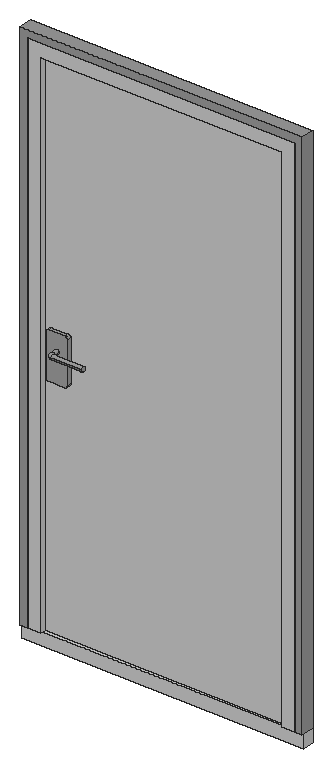
Revit family "AVLN_Дверь_Однопольная_стальная", category Двери, Revit 2021
Family settings
  Основа = Стена
  Номер OmniClass = 23.30.10.00
  Заголовок OmniClass = Doors
  Всегда вертикально = Да
  При загрузке вырезать с полостями = Нет
  Общий = Нет
  Точка принадлежности помещению = Нет
Parameters (values of type "1100х2090(h)_Л")
  Ширина полотна [instance] = Width - Монтажный зазор * 2 - Коробка толщина * 2  # 940 mm
  Тонкая линия проема = yes
  Толщина = 30 mm  # constant formula
  Стекло.Толщина = 15 mm
  Стекло.Отступ.Снизу = 1200 mm
  Стекло.Отступ.Слева/Справа = 100 mm
  Стекло.Отступ.Сверху = 100 mm
  Стекло = not([Глухая/Остекленная])  # no
  Смещение проема [instance] = 50 mm
  Смещение внутрь = 0 mm
  С1 [instance] = if(Смещение проема = 0 mm, 1 mm, 0 mm)  # 0 mm
  Ручка смещение = 60 mm  # constant formula
  Ручка высота = 1000 mm  # constant formula
  Рабочая зона = no
  Rough Width = Width - Монтажный зазор * 2  # 1040 mm
  Rough Height = Height - Монтажный зазор  # 2060 mm
  Правая = no
  Порог_наружный_смещение [instance] = 50 mm
  Порог_внутренний_смещение [instance] = 50 mm
  Порог_внуренний [instance] = no
  Порог [instance] = no
  Определить тепловые свойства по = Тип схем
  Описание = "Индивидуальный дверной блок (лестница) стальной однопольный, с пониженым порогом, с уплотнителем, с доводчиком, с нажимными ручками. Без замка, с ограничителем. Ширина проема в свету не менее 900 мм. Цвет: см. Дизайн-проект."
  Окрывание 30° = yes
  Fire Rating = ""
  Монтажный зазор сверху [instance] = if(Смещение проема = 0 mm, Монтажный зазор - 1 mm, Монтажный зазор)  # 30 mm
  Монтажный зазор = 30 mm
  Матиал_Коробка = Сталь
  Материал_Стекло = Остекление
  Материал_Рабочая зона = none
  Материал_Полотно = Сталь
  Материал_Монтажный зазор = Монтажный зазор
  Материал_Дверной ручки = По умолчанию
  Левая = not(Правая)  # yes
  Коробка.Профиль = 1 mm  # constant formula
  Коробка толщина = 50 mm  # constant formula
  Комментарии к типоразмеру = "Двери внутренние"
  Заполнение под проемом_Видимость [instance] = if(Смещение проема = 0 mm, 1 = 0, 1 = 1)  # yes
  Функция = Внутренние слои
  Группа модели = "Дверь"
  Глухая/Остекленная = yes
  Глухая = [Глухая/Остекленная]  # yes
  Height = 2090 mm
  Замыкание стены = По основе
  Width = 1100 mm
  Аналитическая конструкция = "<Нет>"
  АВЛН_Проем_Ширина [instance] = Width  # 1100 mm
  АВЛН_Проем_Высота [instance] = Height + Смещение проема  # 2140 mm
  ADSK_Размер_Высота [instance] = if(Смещение проема = 0 mm, Height - 1 mm, Height)  # 2090 mm
  ADSK_Примечание [instance] = ""
  ADSK_Позиция [instance] = ""
  ADSK_Обозначение = "ГОСТ 31173-2016"
  ADSK_Наименование = "ДСВ Оп 2090-1100 Прг Л Н П2лс"
  ADSK_Масса = 0
  ADSK_Марка [instance] = "ДВ-21Л"
  ADSK_Количество [instance] = 1
  ADSK_Единица измерения [instance] = "шт."
Types (22, lengths in mm): name | Ширина полотна | Стекло | Rough Width | Rough Height | Правая | Fire Rating | Матиал_Коробка | Материал_Стекло | Материал_Полотно | Материал_Дверной ручки | Левая | Комментарии к типоразмеру | Группа модели | Глухая/Остекленная | Глухая | Height | Width | АВЛН_Проем_Ширина | АВЛН_Проем_Высота | ADSK_Размер_Высота | ADSK_Обозначение | ADSK_Наименование
  1100х2090(h)_Л | 940 | no | 1040 | 2060 | no | "" | Сталь | Остекление | Сталь | По умолчанию | yes | "Двери внутренние" | "Дверь" | yes | yes | 2090 | 1100 | 1100 | 2140 | 2090 | "ГОСТ 31173-2016" | "ДСВ Оп 2090-1100 Прг Л Н П2лс"
  1050х2070(h)_Л | 890 | no | 990 | 2040 | no | "" | Сталь | Остекление | Сталь | По умолчанию | yes | 0 | "Дверь" | yes | yes | 2070 | 1050 | 1050 | 2120 | 2070 | "ГОСТ 31173-2016" | ""
  1100х2070(h)_П | 940 | yes | 1040 | 2040 | yes | "" | Сталь | Остекление | Сталь | По умолчанию | no | "Двери внутренние" | "Дверь" | no | no | 2070 | 1100 | 1100 | 2120 | 2070 | "ГОСТ 31173-2016" | ""
  1100х2070(h)_EI30_П | 940 | no | 1040 | 2040 | yes | "EI30" | Сталь | Остекление | Сталь | По умолчанию | no | 0 | 0 | yes | yes | 2070 | 1100 | 1100 | 2120 | 2070 | "ГОСТ 31173-2016" | ""
  1100х2070(h)_EI30_Л | 940 | no | 1040 | 2040 | no | "EI30" | Сталь | Остекление | Сталь | По умолчанию | yes | 0 | 0 | yes | yes | 2070 | 1100 | 1100 | 2120 | 2070 | "ГОСТ 31173-2016" | ""
  1100х1800(h)_EI30_П | 940 | no | 1040 | 1770 | yes | "EI30" | Сталь | Остекление | Сталь | По умолчанию | no | 0 | 0 | yes | yes | 1800 | 1100 | 1100 | 1850 | 1800 | "ГОСТ 31173-2016" | ""
  1100х1800(h)_EI30_Л | 940 | no | 1040 | 1770 | no | "EI30" | Сталь | Остекление | Сталь | По умолчанию | yes | 0 | 0 | yes | yes | 1800 | 1100 | 1100 | 1850 | 1800 | "ГОСТ 31173-2016" | ""
  1100х2070(h)_EI30_Остекл_П | 940 | yes | 1040 | 2040 | yes | "EI30" | Сталь | Остекление | Сталь | По умолчанию | no | 0 | 0 | no | no | 2070 | 1100 | 1100 | 2120 | 2070 | "ГОСТ 31173-2016" | ""
  1100х2070(h)_EI30_Остекл_Л | 940 | yes | 1040 | 2040 | no | "EI30" | Сталь | Остекление | Сталь | По умолчанию | yes | 0 | 0 | no | no | 2070 | 1100 | 1100 | 2120 | 2070 | "ГОСТ 31173-2016" | ""
  Л_1100 | 940 | no | 1040 | 2070 | no | "" | Сталь | Остекление | Сталь | По умолчанию | yes | 0 | 0 | yes | yes | 2100 | 1100 | 1100 | 2150 | 2100 | "ГОСТ 31173-2016" | ""
  1100х2070(h)_Л_огн | 940 | yes | 1040 | 2040 | no | "" | Сталь | Остекление | Сталь | По умолчанию | yes | 0 | 0 | no | no | 2070 | 1100 | 1100 | 2120 | 2070 | "ГОСТ 31173-2016" | ""
  1000х2070(h)_П | 840 | no | 940 | 2040 | yes | "" | Сталь | Остекление | Сталь | По умолчанию | no | 0 | "Дверь" | yes | yes | 2070 | 1000 | 1000 | 2120 | 2070 | "ГОСТ 31173-2016" | ""
  1000х2070(h)_Л | 840 | no | 940 | 2040 | no | "" | Сталь | Остекление | Сталь | По умолчанию | yes | 0 | "Дверь" | yes | yes | 2070 | 1000 | 1000 | 2120 | 2070 | "ГОСТ 31173-2016" | ""
  1100х2100(h)_Л_Глухая | 940 | no | 1040 | 2070 | no | "" | ADSK_Металл_RAL7024 | ADSK_Металл_RAL7024 | ADSK_Металл_RAL7024 | ADSK_Металл_RAL7024 | yes | "Двери наружные" | "Дверь" | yes | yes | 2100 | 1100 | 1100 | 2150 | 2100 | "ГОСТ 31173-2016" | ""
  1000х2090(h)_Л | 840 | no | 940 | 2060 | no | "" | Сталь | Остекление | Сталь | По умолчанию | yes | "Двери внутренние" | "Дверь" | yes | yes | 2090 | 1000 | 1000 | 2140 | 2090 | "ГОСТ 31173-2016" | "ДСВ Оп 2090-1000 Прг Л Н П2лс"
  1000х2090(h)_EI30_П | 840 | no | 940 | 2060 | yes | "" | Сталь | Остекление | Сталь | По умолчанию | no | "Двери противопожарные" | "Дверь" | yes | yes | 2090 | 1000 | 1000 | 2140 | 2090 | "ГОСТ Р 57327-2016" | "ДПС 01 2090-1000 Пр EI30"
  1000х2090(h)_EI30_Л | 840 | no | 940 | 2060 | no | "" | Сталь | Остекление | Сталь | По умолчанию | yes | "Двери противопожарные" | "Дверь" | yes | yes | 2090 | 1000 | 1000 | 2140 | 2090 | "ГОСТ Р 57327-2016" | "ДПС 01 2090-1000 Л EI30"
  Нр_1100х2090(h)_П | 940 | no | 1040 | 2060 | yes | "" | Сталь | Остекление | Сталь | По умолчанию | no | "Двери наружные" | "Дверь" | yes | yes | 2090 | 1100 | 1100 | 2140 | 2090 | "ГОСТ 31173-2016" | "ДСН Оп 2090-1100 Прг Пр Н П2лс"
  1100х2090(h)_П | 940 | no | 1040 | 2060 | yes | "" | Сталь | Остекление | Сталь | По умолчанию | no | "Двери внутренние" | "Дверь" | yes | yes | 2090 | 1100 | 1100 | 2140 | 2090 | "ГОСТ 31173-2016" | "ДСВ Оп 2090-1100 Прг Пр Н П2лс"
  1100х2090(h)_EI30_П | 940 | no | 1040 | 2060 | yes | "EI30" | Сталь | Остекление | Сталь | По умолчанию | no | "Двери противопожарные" | "Дверь" | yes | yes | 2090 | 1100 | 1100 | 2140 | 2090 | "ГОСТ Р 57327-2016" | "ДПС 01 2090-1100 Пр EI30"
  1100х2090(h)_EI30_Л | 940 | no | 1040 | 2060 | no | "EI30" | Сталь | Остекление | Сталь | По умолчанию | yes | "Двери противопожарные" | "Дверь" | yes | yes | 2090 | 1100 | 1100 | 2140 | 2090 | "ГОСТ Р 57327-2016" | "ДПС 01 2090-1100 Л EI30"
  1100х2070(h)_Л | 940 | yes | 1040 | 2040 | no | "" | Сталь | Остекление | Сталь | По умолчанию | yes | "Двери наружные" | "Дверь" | no | no | 2070 | 1100 | 1100 | 2120 | 2070 | "ГОСТ 31173-2016" | ""
Reference planes
  plane 1: y = 0
  plane 2 "По центру (Влево/Вправо)": x = 0
  plane 3 "Слева": x = -550
  plane 4 "Справа": x = 550
  plane 5: z = 2090
  plane 6 "Наружный": y = 150
  plane 7 "Внутренние": y = -150
  plane 8: z = -50
  plane 9: x = -520
  plane 10: x = 520
  plane 11: x = 470
  plane 12: x = -470
  plane 13: z = 2060
  plane 14: z = 2010
  plane 15 "Полотно_Н": y = 150
  plane 16 "Полотно_В": y = 120
  plane 17: z = -100
  plane 18: x = -410
  plane 19: x = 410
  plane 20: z = 1000
  plane 21: z = 1045
  plane 22 "Короб_В": y = 100
  plane 23: x = -469
  plane 24: x = 469
  plane 25: z = 2009
  plane 26: y = 1250
  plane 27: x = 370
  plane 28: z = 1910
  plane 29: x = -370
  plane 30: z = 1200
  plane 31: y = 135
  plane 32: y = 142.5
  plane 33: y = 127.5
  plane 34: y = 200
  plane 35: y = -200
  plane 36: z = -50
Forms (mm)
  Extrusion 1, solid, material "Сталь" <- "Материал_Полотно", visible <- "Стекло", detail levels fine
    sketch origin (0, 150, 0) x (1, 0, 0) y (0, 0, 1)
      loop
        line (470, 2010) -> (-470, 2010) -> (-470, 0) -> (470, 0) -> (470, 2010)
      loop
        line (370, 1910) -> (-370, 1910) -> (-370, 1200) -> (370, 1200) -> (370, 1910)
    from 0 to 30
  Extrusion 2, solid, material "Сталь" <- "Матиал_Коробка", visible <- "Заполнение под проемом_Видимость", detail levels fine
    sketch origin (0, 150, 0) x (1, 0, 0) y (0, 0, 1)
      loop
        line (550, 0) -> (-550, 0) -> (-550, -50) -> (550, -50) -> (550, 0)
    from 0 to 40
  Extrusion 3, solid, material "Монтажный зазор" <- "Материал_Монтажный зазор"
    sketch origin (0, -150, 0) x (1, 0, 0) y (0, 0, 1)
      loop
        line (-550, 0) -> (-520, 0) -> (-520, 2060) -> (520, 2060) -> (520, 0) -> (550, 0) -> (550, 2090) -> (-550, 2090) -> (-550, 0)
    from -300 to -250
  Sweep 4, solid, material "Сталь" <- "Матиал_Коробка"
    path origin (0, 150, 0) x (-1, 0, 0) y (0, 0, 1)
      loop
        line (470, 0) -> (470, 2010) -> (-470, 2010) -> (-470, 0)
    profile origin (-470, 150, 1005) x (0, 1, 0) y (-1, 0, 0)
      loop
        line (0, 50) -> (-50, 50) -> (-50, -1) -> (-30, -1) -> (-30, 0) -> (0, 0) -> (0, 50)
  Extrusion 5, void
    sketch origin (0, 0, 0) x (1, 0, 0) y (0, 1, 0)
      loop
        line (-550, 1250) -> (-550, 150) -> (550, 150) -> (550, 1250) -> (-550, 1250)
    from -50 to 2090
  Extrusion 6, solid, material "Остекление" <- "Материал_Стекло", visible <- "Стекло", detail levels fine
    sketch origin (0, 150, 0) x (1, 0, 0) y (0, 0, 1)
      loop
        line (370, 1910) -> (-370, 1910) -> (-370, 1200) -> (370, 1200) -> (370, 1910)
    from 7.5 to 22.5
  Extrusion 7, solid, material "Сталь" <- "Материал_Полотно", visible <- "Глухая"
    sketch origin (0, 150, 0) x (1, 0, 0) y (0, 0, 1)
      loop
        line (470, 2010) -> (-470, 2010) -> (-470, 0) -> (470, 0) -> (470, 2010)
    from 0 to 30
Lines and regions (mm)
  Opening 1
    outline origin (-3050, -150, 0) x (1, 0, 0) y (0, 0, 1)
      loop
        line (2500, -50) -> (3600, -50) -> (3600, 2090) -> (2500, 2090) -> (2500, -50)
  Masking region 1, visible <- "Тонкая линия проема"
    outline origin (95.796, -283.072, 0) x (1, 0, 0) y (0, 1, 0)
      loop
        line (-619.745, 443.072) -> (-645.796, 433.072) -> (-645.796, 133.072) -> (-645.796, 123.072) -> (454.204, 123.072) -> (454.204, 133.072) -> (454.204, 433.072) -> (426.729, 443.072) -> (-619.745, 443.072)
  model lines, style "Открывание_Внутрь", visible <- "Левая"
    curve 1: line (469, 120, 2009) -> (-469, 120, 1045)
    curve 2: line (-469, 120, 1045) -> (469, 120, 0)
  model lines, style "Открывание_Внутрь", visible <- "Правая"
    curve 3: line (-469, 120, 0) -> (469, 120, 1045)
    curve 4: line (469, 120, 1045) -> (-469, 120, 2009)
  model lines, style "Открывание_Наружу", visible <- "Правая"
    curve 5: line (-470, 150, 0) -> (469, 150, 1045)
    curve 6: line (469, 150, 1045) -> (-470, 150, 2010)
  model lines, style "Открывание_Наружу", visible <- "Левая"
    curve 7: line (470, 150, 2010) -> (-469, 150, 1045)
    curve 8: line (-469, 150, 1045) -> (470, 150, 0)
  model lines, style "Рабочая зона", visible <- "Рабочая зона"
    curve 9: line (-550, 150, 0) -> (-550, 1250, 0)
    curve 10: line (-550, 1250, 0) -> (550, 1250, 0)
    curve 11: line (550, 150, 0) -> (550, 1250, 0)
  symbolic lines, style "Порог", visible <- "Порог_внуренний"
    curve 12: line (-550, -200, 0) -> (550, -200, 0)
  symbolic lines, style "Порог", visible <- "Порог"
    curve 13: line (-550, 200, 0) -> (550, 200, 0)
Text (mm)
  text "Наружный" at (-2295.016, 1099.543, 0), in view "Опорный уровень"
  text "Наружный" at (0, 1615.38, 3698.081), in view "Слева"
  text "Наружный" at (0, 1036.032, 3874.932), in view "Справа"
Dimensions and locks
  equal spacing: plane 3 "Слева", plane 2 "По центру (Влево/Вправо)", plane 4 "Справа"
  "Width": plane 3 "Слева" to plane 4 "Справа"
  host wall to plane 5 = 2554.966 mm  (x2)
  locked: plane 6 "Наружный" to host wall
  locked: plane 7 "Внутренние" to host wall
  plane 8 to level = 50 mm
  "ADSK_Размер_Высота": level to plane 5
  "Монтажный зазор": plane 3 "Слева" to plane 9
  "Монтажный зазор": plane 10 to plane 4 "Справа"
  "Смещение внутрь": plane 15 "Полотно_Н" to plane 6 "Наружный"
  "Толщина": plane 15 "Полотно_Н" to plane 16 "Полотно_В"
  level to plane 17 = 100 mm
  "Монтажный зазор сверху": plane 13 to plane 5
  "Коробка толщина": plane 14 to plane 13
  "Коробка толщина": plane 12 to plane 9
  "Коробка толщина": plane 11 to plane 10
  "Смещение проема": level to plane 8
  "Ручка высота": level to plane 20
  "Ручка смещение": plane 12 to plane 18
  "Ручка смещение": plane 19 to plane 11
  equal spacing: level, plane 21, plane 5
  equal spacing: plane 7 "Внутренние", plane 1, plane 6 "Наружный"
  "Коробка толщина": plane 15 "Полотно_Н" to plane 22 "Короб_В"
  "Коробка.Профиль": plane 12 to plane 23
  "Коробка.Профиль": plane 24 to plane 11
  "Коробка.Профиль": plane 14 to plane 25
  "Width": plane 26 to plane 15 "Полотно_Н"
  "Стекло.Отступ.Слева/Справа": plane 27 to plane 11
  "Стекло.Отступ.Слева/Справа": plane 12 to plane 29
  "Стекло.Отступ.Сверху": plane 28 to plane 14
  "Стекло.Отступ.Снизу": level to plane 30
  equal spacing: plane 15 "Полотно_Н", plane 31, plane 16 "Полотно_В"
  equal spacing: plane 33, plane 31, plane 32
  "Стекло.Толщина": plane 33 to plane 32
  "Порог_наружный_смещение": plane 6 "Наружный" to plane 34
  "Порог_внутренний_смещение": plane 35 to plane 7 "Внутренние"
  "С1": plane 8 to plane 36
  aligned and locked: plane 3 "Слева" to Opening 1 sketch curve
  aligned and locked: Opening 1 sketch curve to plane 4 "Справа"
  aligned and locked: plane 1 to host wall
  aligned and locked: Extrusion 1 to plane 16 "Полотно_В"
  aligned and locked: plane 15 "Полотно_Н" to Extrusion 1
  aligned and locked: level to Extrusion 2 sketch curve
  aligned and locked: Extrusion 2 sketch curve to plane 4 "Справа"
  aligned and locked: Extrusion 2 sketch curve to host wall
  aligned and locked: nested 1 to plane 16 "Полотно_В"
  aligned and locked: nested 2 to plane 15 "Полотно_Н"
  aligned and locked: plane 15 "Полотно_Н" to nested 4
  aligned and locked: plane 16 "Полотно_В" to nested 3
  aligned and locked: plane 5 to Opening 1 sketch curve
  aligned and locked: plane 14 to Extrusion 1 sketch curve
  aligned and locked: Extrusion 3 sketch curve to plane 4 "Справа"
  aligned and locked: Extrusion 3 sketch curve to plane 10
  aligned and locked: Extrusion 3 sketch curve to plane 5
  aligned and locked: Extrusion 3 sketch curve to plane 13
  aligned and locked: plane 3 "Слева" to Extrusion 3 sketch curve
  aligned and locked: plane 9 to Extrusion 3 sketch curve
  aligned and locked: Extrusion 3 sketch curve to level  (x2)
  aligned and locked: nested 2 to plane 20
  aligned and locked: plane 20 to nested 4
  aligned and locked: plane 20 to nested 1
  aligned and locked: nested 3 to plane 20
  aligned and locked: plane 19 to nested 4
  aligned and locked: plane 18 to nested 2
  aligned and locked: nested 3 to plane 19
  aligned and locked: nested 1 to plane 18
  aligned and locked: nested 5 to plane 4 "Справа"
  aligned and locked: nested 5 to plane 3 "Слева"
  aligned and locked: nested 5 to plane 15 "Полотно_Н"
  aligned and locked: nested 6 to plane 3 "Слева"
  aligned and locked: nested 6 to plane 4 "Справа"
  aligned and locked: plane 15 "Полотно_Н" to nested 6
  aligned and locked: Extrusion 3 to plane 22 "Короб_В"
  aligned and locked: plane 15 "Полотно_Н" to Extrusion 3
  aligned and locked: plane 11 to Sweep 4 sketch curve
  aligned and locked: plane 14 to Sweep 4 sketch curve
  aligned and locked: plane 12 to Sweep 4 sketch curve  (x2)
  aligned and locked: plane 15 "Полотно_Н" to Sweep 4 sketch curve
  aligned and locked: plane 9 to Sweep 4 sketch curve
  aligned and locked: plane 23 to Sweep 4 sketch curve
  aligned and locked: plane 22 "Короб_В" to Sweep 4 sketch curve
  aligned and locked: plane 16 "Полотно_В" to Sweep 4 sketch curve
  aligned and locked: level to Sweep 4 sketch curve  (x2)
  aligned and locked: plane 23 to curve 4
  aligned and locked: plane 25 to curve 4
  aligned and locked: plane 25 to curve 1
  aligned and locked: plane 24 to curve 1
  aligned and locked: plane 23 to curve 1
  aligned and locked: plane 21 to curve 2
  aligned and locked: plane 24 to curve 4
  aligned and locked: plane 21 to curve 3
  aligned and locked: Sweep 4 to curve 3
  aligned and locked: level to curve 3
  aligned and locked: Sweep 4 to curve 2
  aligned and locked: level to curve 2
  aligned and locked: curve 9 to plane 3 "Слева"
  aligned and locked: curve 10 to plane 26
  aligned and locked: curve 11 to plane 4 "Справа"
  aligned and locked: plane 15 "Полотно_Н" to curve 9
  aligned and locked: plane 15 "Полотно_Н" to curve 11
  aligned and locked: Extrusion 5 sketch curve to plane 26
  aligned and locked: Extrusion 5 sketch curve to plane 3 "Слева"
  aligned and locked: Extrusion 5 sketch curve to plane 15 "Полотно_Н"
  aligned and locked: Extrusion 5 sketch curve to plane 4 "Справа"
  aligned and locked: Extrusion 5 to plane 5
  aligned and locked: plane 28 to Extrusion 1 sketch curve
  aligned and locked: Extrusion 1 sketch curve to plane 27
  aligned and locked: Extrusion 1 sketch curve to plane 30
  aligned and locked: Extrusion 1 sketch curve to plane 29
  aligned and locked: plane 27 to Extrusion 6 sketch curve
  aligned and locked: plane 28 to Extrusion 6 sketch curve
  aligned and locked: Extrusion 6 sketch curve to plane 29
  aligned and locked: plane 30 to Extrusion 6 sketch curve
  aligned and locked: plane 33 to Extrusion 6
  aligned and locked: plane 32 to Extrusion 6
  aligned and locked: plane 11 to Extrusion 7 sketch curve
  aligned and locked: plane 14 to Extrusion 7 sketch curve
  aligned and locked: plane 12 to Extrusion 7 sketch curve
  aligned and locked: level to Extrusion 7 sketch curve
  aligned and locked: plane 15 "Полотно_Н" to Extrusion 7
  aligned and locked: Extrusion 7 to plane 16 "Полотно_В"
  aligned and locked: curve 6 to curve 4
  aligned and locked: curve 8 to curve 2
  aligned and locked: Masking region 1 sketch curve to curve 9
  aligned and locked: Extrusion 1 to Masking region 1 sketch curve
  aligned and locked: plane 6 "Наружный" to Masking region 1 sketch curve
  aligned and locked: host wall to Masking region 1 sketch curve  (x2)
  aligned and locked: plane 3 "Слева" to Masking region 1
  aligned and locked: Masking region 1 to plane 4 "Справа"
  aligned and locked: plane 3 "Слева" to curve 13
  aligned and locked: plane 4 "Справа" to curve 13
  aligned and locked: curve 13 to plane 34
  aligned and locked: curve 12 to plane 35
  aligned and locked: Extrusion 2 to plane 36
  aligned and locked: Extrusion 5 to plane 8
  aligned and locked: Opening 1 sketch curve to plane 36
Automatic sketch dimensions
  plane 12 to Extrusion 1 sketch curve = 0 mm
  plane 11 to Extrusion 1 sketch curve = 0 mm
  Extrusion 1 sketch curve to level = 0 mm
  plane 11 to curve 7 = 0 mm
  curve 8 to level = 0 mm
  plane 11 to curve 8 = 0 mm
  curve 6 to plane 21 = 0 mm
  curve 7 to plane 23 = 0 mm
  plane 12 to curve 6 = 0 mm
  curve 5 to level = 0 mm
  plane 12 to curve 5 = 0 mm
  curve 7 to plane 14 = 0 mm
  curve 6 to plane 14 = 0 mm
  Extrusion 2 sketch curve to plane 8 = 0 mm
  curve 12 to plane 4 "Справа" = 0 mm
  Masking region 1 sketch curve to plane 4 "Справа" = 0 mm
  Masking region 1 sketch curve to plane 9 = 3.949 mm
  plane 10 to Masking region 1 sketch curve = 2.525 mm
  host wall to Masking region 1 sketch curve = 10 mm  (x2)
  curve 12 to plane 3 "Слева" = 0 mm
Nested families
  nested 1: "Дв_Дверная ручка" at (-410, 120, -40), visible <- "Левая", type "Дв_Дверная ручка", detail levels fine
    with Высота расположения дверной ручки 1040 mm
  nested 2: "Дв_Дверная ручка" at (-410, 150, -40), visible <- "Левая", type "Дв_Дверная ручка", detail levels fine
    with Высота расположения дверной ручки 1040 mm
  nested 3: "Дв_Дверная ручка" at (410, 120, -40) x (-1, 0, 0) z (0, 0, 1), visible <- "Правая", type "Дв_Дверная ручка", detail levels fine
    with Высота расположения дверной ручки 1040 mm
  nested 4: "Дв_Дверная ручка" at (410, 150, -40) x (-1, 0, 0) z (0, 0, 1), visible <- "Правая", type "Дв_Дверная ручка", detail levels fine
    with Высота расположения дверной ручки 1040 mm
  nested 5: "АС-Однопольная-Обозначение на плане" at (0, 150, -50), Width <- "Width", Толщина <- "Толщина", Коробка.Толщина <- "Коробка толщина", Height <- "Rough Height", Полотно.Ширина <- "Ширина полотна", Rough Width <- "Rough Width", visible <- "Левая", Коробка.Ширина <- "Коробка.Профиль", type "АС-Стандарт"
    with Width 1100 mm, Толщина 30 mm, Rough Width 1040 mm, Полотно.Ширина 940 mm, Коробка.Ширина 1 mm, Коробка.Толщина 50 mm, Height 2060 mm
  nested 6: "АС-Однопольная-Обозначение на плане" at (0, 150, -50) x (-1, 0, 0) z (0, 0, 1), Width <- "Width", Толщина <- "Толщина", Коробка.Толщина <- "Коробка толщина", Height <- "Rough Height", Полотно.Ширина <- "Ширина полотна", Rough Width <- "Rough Width", visible <- "Правая", Коробка.Ширина <- "Коробка.Профиль", type "АС-Стандарт"
    with Width 1100 mm, Толщина 30 mm, Rough Width 1040 mm, Полотно.Ширина 940 mm, Коробка.Ширина 1 mm, Коробка.Толщина 50 mm, Height 2060 mm
Definition of nested family "Дв_Дверная ручка"
  Parameters (values of type "Дв_Дверная ручка")
    Материал дверной ручки = none
    Высота расположения дверной ручки [instance] = 1040 mm
    Analytic Construction = "<Нет>"
  Reference planes
    plane 1 "По центру (Вперед/Назад)": y = 0
    plane 2: z = 0
    plane 3 "По центру (Влево/Вправо)": x = 0
    plane 4: z = 1040
    plane 5: x = -41.434
    plane 6: x = 41.434
    plane 7: z = 1106.663
    plane 8: z = 926.663
    plane 9: y = -15
  Forms (mm)
    Extrusion 1, solid, material <- "Материал дверной ручки"
      sketch origin (0, 0, 0) x (1, 0, 0) y (0, 0, 1)
        loop
          arc (-31.434, 1106.663) -> (-38.505, 1103.734) -> (-41.434, 1096.663) r 10
          line (-41.434, 1096.663) -> (-41.434, 936.663)
          arc (-41.434, 936.663) -> (-38.505, 929.591) -> (-31.434, 926.663) r 10
          line (-31.434, 926.663) -> (31.434, 926.663)
          arc (31.434, 926.663) -> (38.505, 929.591) -> (41.434, 936.663) r 10
          line (41.434, 936.663) -> (41.434, 1096.663)
          arc (41.434, 1096.663) -> (38.505, 1103.734) -> (31.434, 1106.663) r 10
          line (31.434, 1106.663) -> (-31.434, 1106.663)
      from 0 to 15
    Sweep 2, solid, material <- "Материал дверной ручки"
      path origin (0, 0, 0) x (1, 0, 0) y (0, 1, 0)
        loop
          line (0, -15) -> (0, -38.261)
          arc (0, -38.261) -> (2.929, -45.332) -> (10, -48.261) r 10
          line (10, -48.261) -> (130, -48.261)
      profile origin (0, -26.63, 0) x (1, 0, 0) y (0, 0, 1)
        loop
          circle (0, 1040) r 8
  Dimensions and locks
    "Высота расположения дверной ручки": plane 4 to level
    plane 7 to plane 8 = 180 mm
    plane 6 to plane 5 = 82.868 mm
    equal spacing: plane 6, plane 3 "По центру (Влево/Вправо)", plane 5
    locked: plane 1 "По центру (Вперед/Назад)" to plane 9 at 15
    aligned and locked: level to plane 2
    aligned and locked: Extrusion 1 sketch curve to plane 7
    aligned and locked: plane 5 to Extrusion 1 sketch curve
    aligned and locked: plane 8 to Extrusion 1 sketch curve
    aligned and locked: Extrusion 1 sketch curve to plane 6
    aligned and locked: Extrusion 1 to plane 1 "По центру (Вперед/Назад)"
    aligned and locked: plane 4 to Sweep 2
  Automatic sketch dimensions
    plane 5 to Extrusion 1 sketch curve = 10 mm
    Extrusion 1 sketch curve to Extrusion 1 sketch curve = 10 mm  (x2)
    Extrusion 1 sketch curve to plane 6 = 10 mm
    Sweep 2 sketch curve to plane 3 "По центру (Влево/Вправо)" = 0 mm
    plane 9 to Sweep 2 sketch curve = 0 mm
    Sweep 2 sketch curve to Sweep 2 sketch curve = 10 mm
    Sweep 2 sketch curve to Sweep 2 sketch curve = 23.261 mm
    Sweep 2 sketch curve to Sweep 2 sketch curve = 120 mm
    profile plane to Sweep 2 sketch curve = 0 mm
    level to Sweep 2 sketch curve = 1040 mm
    radius of Sweep 2 sketch curve = 8 mm
Definition of nested family "АС-Однопольная-Обозначение на плане"
  Parameters (values of type "АС-Стандарт")
    Полотно.Ширина [instance] = 900 mm
    Открывание двери 90 = not(Открывание двери 30)  # no
    Открывание двери 30 = yes
    Линия открывания (дуга) = not(Открывание двери 30)  # no
    Коробка.Ширина [instance] = 40 mm
    Коробка.Толщина [instance] = 80 mm
    Width [instance] = 1000 mm
    Thickness [instance] = 40 mm
    Rough Width [instance] = 960 mm
    Height [instance] = 2100 mm
    Default Elevation = 0 mm
    Analytic Construction = "<Нет>"
  Reference planes
    plane 1 "Center (Front/Back)": y = 0
    plane 2: z = 0
    plane 3 "Center (Left/Right)": x = 0
    plane 4 "Полотно.Слева": x = -480
    plane 5 "Полотно справа": x = 480
    plane 6 "Проем.Слева": x = -500
    plane 7 "Проем.Справа": x = 500
    plane 8 "Полотно. Внутренняя сторона": y = -40
    plane 9 "Коробка. Внутренняя сторона": y = -80
    plane 10 "Коробка.Внутренняя сторона слева": x = -450
    plane 11 "Коробка. Внутренняя сторона справа": x = 450
    plane 12 "2": x = -410
    plane 13 "3": x = 410
  Lines and regions (mm)
    Masking region 1, detail levels fine
      outline origin (0, 0, 0) x (1, 0, 0) y (0, 1, 0)
        loop
          line (-500, -80) -> (-480, -80) -> (-480, 0) -> (-500, 0) -> (-500, -80)
    Masking region 2, detail levels fine
      outline origin (0, 0, 0) x (1, 0, 0) y (0, 1, 0)
        loop
          line (500, -80) -> (500, 0) -> (480, 0) -> (480, -80) -> (500, -80)
    Masking region 3, detail levels fine
      outline origin (0, 0, 0) x (1, 0, 0) y (0, 1, 0)
        loop
          line (-480, 0) -> (-480, -80) -> (-410, -80) -> (-410, -40) -> (-450, -40) -> (-450, 0) -> (-480, 0)
    Masking region 4, detail levels fine
      outline origin (0, 0, 0) x (1, 0, 0) y (0, 1, 0)
        loop
          line (480, 0) -> (450, 0) -> (450, -40) -> (410, -40) -> (410, -80) -> (480, -80) -> (480, 0)
    Masking region 5, visible <- "Открывание двери 90", detail levels fine
      outline origin (0, 0, 0) x (1, 0, 0) y (0, 1, 0)
        loop
          line (450, 0) -> (450, 900) -> (410, 900) -> (410, 0) -> (450, 0)
    Masking region 6, visible <- "Открывание двери 30", detail levels fine
      outline origin (0, 0, 0) x (1, 0, 0) y (0, 1, 0)
        loop
          line (450, 0) -> (-329.423, 450) -> (-349.423, 415.359) -> (430, -34.641) -> (450, 0)
    symbolic lines, visible <- "Открывание двери 30", detail levels coarse+medium
      curve 1: line (500, 0, 0) -> (-366.025, 500, 0)
    symbolic lines, visible <- "Открывание двери 90", detail levels coarse+medium
      curve 2: line (500, 0, 0) -> (500, 1000, 0)
    symbolic lines, visible <- "Линия открывания (дуга)", detail levels coarse+medium
      curve 3: arc (500, 1000, 0) -> (-207.107, 707.107, 0) -> (-500, 0, 0) r 1000
    symbolic lines, visible <- "Линия открывания (дуга)", detail levels fine
      curve 4: arc (-450, 0, 0) -> (-186.396, 636.396, 0) -> (450, 900, 0) r 900
    model lines, not visible
      curve 5: line (0, 0, 0) -> (0, 0, 2100)
  Dimensions and locks
    "Thickness": plane 1 "Center (Front/Back)" to plane 8 "Полотно. Внутренняя сторона"  (x2)
    equal spacing: plane 4 "Полотно.Слева", plane 3 "Center (Left/Right)", plane 5 "Полотно справа"
    equal spacing: plane 6 "Проем.Слева", plane 3 "Center (Left/Right)", plane 7 "Проем.Справа"
    "Width": plane 6 "Проем.Слева" to plane 7 "Проем.Справа"
    "Rough Width": plane 4 "Полотно.Слева" to plane 5 "Полотно справа"
    plane 1 "Center (Front/Back)" to plane 9 "Коробка. Внутренняя сторона" = 80 mm
    "Коробка.Толщина": plane 9 "Коробка. Внутренняя сторона" to plane 1 "Center (Front/Back)"
    equal spacing: plane 10 "Коробка.Внутренняя сторона слева", plane 3 "Center (Left/Right)", plane 11 "Коробка. Внутренняя сторона справа"
    "Полотно.Ширина": plane 10 "Коробка.Внутренняя сторона слева" to plane 11 "Коробка. Внутренняя сторона справа"
    "Width": curve 1 to curve 1
    "Width": plane 1 "Center (Front/Back)" to curve 2
    "Коробка.Ширина": plane 10 "Коробка.Внутренняя сторона слева" to Masking region 3 sketch curve
    "Коробка.Ширина": Masking region 4 sketch curve to Masking region 4 sketch curve
    "Полотно.Ширина": plane 1 "Center (Front/Back)" to Masking region 5 sketch curve
    "Thickness": Masking region 5 sketch curve to plane 11 "Коробка. Внутренняя сторона справа"
    "Полотно.Ширина": Masking region 6 sketch curve to Masking region 6 sketch curve
    "Thickness": Masking region 6 sketch curve to Masking region 6 sketch curve
    "Height": curve 5 to level
    "Thickness": Masking region 5 to plane 11 "Коробка. Внутренняя сторона справа"
    "Thickness": Masking region 6 to Masking region 6
    "Коробка.Ширина": plane 10 "Коробка.Внутренняя сторона слева" to plane 12 "2"
    "Коробка.Ширина": plane 13 "3" to plane 11 "Коробка. Внутренняя сторона справа"
    "Width": radius of curve 3
    "Полотно.Ширина": radius of curve 4
    locked: curve 1 to plane 1 "Center (Front/Back)" (angle 30.00°)
    locked: Masking region 6 sketch curve to plane 1 "Center (Front/Back)" (angle 30.00°)
    aligned and locked: level to plane 2
    aligned and locked: plane 7 "Проем.Справа" to curve 2
    aligned and locked: plane 1 "Center (Front/Back)" to curve 2
    aligned and locked: Masking region 1 sketch curve to plane 9 "Коробка. Внутренняя сторона"
    aligned and locked: plane 6 "Проем.Слева" to Masking region 1 sketch curve
    aligned and locked: Masking region 1 sketch curve to plane 1 "Center (Front/Back)"
    aligned and locked: plane 4 "Полотно.Слева" to Masking region 1 sketch curve
    aligned and locked: plane 9 "Коробка. Внутренняя сторона" to Masking region 2 sketch curve
    aligned and locked: Masking region 2 sketch curve to plane 7 "Проем.Справа"
    aligned and locked: plane 1 "Center (Front/Back)" to Masking region 2 sketch curve
    aligned and locked: plane 5 "Полотно справа" to Masking region 2 sketch curve
    aligned and locked: Masking region 3 sketch curve to plane 4 "Полотно.Слева"
    aligned and locked: Masking region 3 sketch curve to plane 10 "Коробка.Внутренняя сторона слева"
    aligned and locked: Masking region 3 sketch curve to plane 1 "Center (Front/Back)"
    aligned and locked: Masking region 3 sketch curve to plane 9 "Коробка. Внутренняя сторона"
    aligned and locked: Masking region 3 sketch curve to plane 8 "Полотно. Внутренняя сторона"
    aligned and locked: Masking region 4 sketch curve to plane 5 "Полотно справа"
    aligned and locked: Masking region 4 sketch curve to plane 11 "Коробка. Внутренняя сторона справа"
    aligned and locked: Masking region 4 sketch curve to plane 9 "Коробка. Внутренняя сторона"
    aligned and locked: Masking region 4 sketch curve to plane 8 "Полотно. Внутренняя сторона"
    aligned and locked: Masking region 4 sketch curve to plane 1 "Center (Front/Back)"
    aligned and locked: curve 4 to Masking region 3
    aligned and locked: plane 11 "Коробка. Внутренняя сторона справа" to curve 4
    aligned and locked: Masking region 4 to Masking region 5 sketch curve
    aligned and locked: Masking region 5 sketch curve to Masking region 4
    aligned and locked: plane 11 "Коробка. Внутренняя сторона справа" to Masking region 6 sketch curve
    aligned and locked: plane 2 to curve 5
    aligned and locked: plane 3 "Center (Left/Right)" to curve 5
    aligned and locked: plane 11 "Коробка. Внутренняя сторона справа" to Masking region 5
    aligned and locked: plane 1 "Center (Front/Back)" to Masking region 5
  Automatic sketch dimensions
    plane 1 "Center (Front/Back)" to Masking region 6 sketch curve = 0 mm
